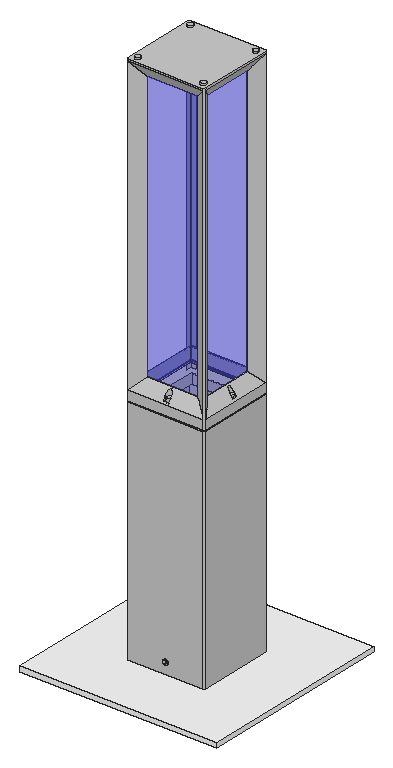
Revit family "BE_84667_de_DE", category Leuchten, Revit 2015
Parameters (values of type "BEGA_84667_Silber_K4")
  built-in parameter 1150104 = 14.256 (stored number, unit not read)
  Wattage = 23.2 W
  Default Elevation = 0 mm
  built-in parameter 1150113 = 1 (stored number, unit not read)
  built-in parameter 1114218 = 1 (stored number, unit not read)
  Umgebungstemperatur = "25 °C"
  URL = "http://www.bega.de/produkt/84667"
  Typenkommentare = "© 2016 BEGA. Wir behalten uns das Recht vor, technische Änderungen ohne vorherige Ankündigung vorzunehmen."  # constant formula
  Type Image = 84667.png
  built-in parameter 1150134 = 12
  built-in parameter 1150109 = 1 (stored number, unit not read)
  Strom = ""
  built-in parameter 1150110 = 1 (stored number, unit not read)
  Spannung = 239.996 V
  Sonderanfertigung = no
  Seriennummer [instance] = "Hier können Sie die eindeutige Seriennummer für das Facility Management eintragen."
  Schutzklasse = "I"
  Schutzart = "IP 65"
  Scheinlast = 0 VA
  Produktdatenblatt = "http://www.bega.de/download/Xrfa/db/84667.db.de.pdf"
  Oberflächentemperatur = ""
  Neigungswinkel = 0.00°
  Modell = "84667AK4"
  Material_18 = BEGA_Gummi_schwarz
  Material_17 = BEGA_Reflektor
  Material_15 = BEGA_Leuchtmedium_matt
  Material_14 = BEGA_Kunststoff_opal
  Material_11 = BEGA_Glas_opal
  Material_09 = BEGA_Glas_klar
  Material_06 = BEGA_Oberfläche_Edelstahl_gebürstet
  Material_03 = BEGA_Oberfläche_Weiss_matt
  Material_02 = BEGA_Oberfläche_Silber_matt
  Material_01 [instance] = BEGA_Oberfläche_Grafit_matt
  M_W = no
  M_G = no
  M_A = yes
  Logo = 0
  built-in parameter 1114217 = 1 (stored number, unit not read)
  built-in parameter 1150139 = (empty or 0)
  built-in parameter 1150105 = 283.3 (stored number, unit not read)
  built-in parameter 1150114 = 1 (stored number, unit not read)
  Lumens = 3560.04 lm
  built-in parameter 1150115 = 1 (stored number, unit not read)
  Leuchtenlichtstrom = "2200 lm"
  Leuchtenanzahl = ""
  Lebensdauerkriterien = "L70 = 50.000 h"
  Lastklassifizierung = Beleuchtung
  built-in parameter 1150112 = 1 (stored number, unit not read)
  Lampenlichtstrom = "3560 lm"
  Lampe = "LED 23.2 W"
  LED_Modulbezeichnung = "8x LED-0614/840"
  built-in parameter 1150142 = (empty or 0)
  Hersteller = "BEGA"  # constant formula
  Halbstreuwinkel = ""
  Gewicht = "9.7 kg"
  Gebrauchslageneinschränkung [instance] = ""
  Frequenz = "0/50-60 Hz"
  Farbwiedergabeindex = "Ra > 80"
  Farbtemperaturverschiebung bei Dämpfen der Lampe = <Keine Auswahl>
  Farbtemperatur = "4000 K"
  Farbfilter = 16777215
  Erdstück = no
  built-in parameter 1150133 = 10 (stored number, unit not read)
  Energieeffizienzklasse = "LED A++ - A"
  built-in parameter 1150137 = (empty or 0)
  built-in parameter 1150132 = (empty or 0)
  ENEC = ""
  Dimmbar [instance] = ""
  Datei für fotometrisches Netz = "BE_84667K4.IES"
  CE_Konformität = "ja"
  Bestellnummer_Erdstück = if(Erdstück, "70895", "---")  # "---"
  Bestellnummer = "84667AK4"
  Beschreibung_Sonderanfertigung = "Hier können Sie Informationen zur Sonderanfertigung eintragen."
  Beschreibung = "Pollerleuchte"
  built-in parameter 1150106 = 2.833 (stored number, unit not read)
  Befestigungsbohrung = ""
  Befestigungsabstand = ""
  Ballwurfsicher = ""
  BEGA_Intern_aus = yes
  BEGA_Intern_an = yes
  BEGA_Intern_Konstruktion = yes
  BEGA_Intern = yes
  BEGA_IES = yes
  BEGA_Dummy = no
  Anschlussleitung = ""
  Anschlussleistung [instance] = "27.5 W"
  built-in parameter 1150107 = 4000 (stored number, unit not read)
  built-in parameter 1150102 = (empty or 0)
  built-in parameter 1150138 = (empty or 0)
  Aktualisierung = "2016-11-14T04:14:35"
  Abstand_zur_angestrahlten_Fläche [instance] = ""
  AC/DC = "AC/DC"
Types (4, lengths in mm): name | built-in parameter 1150104 | built-in parameter 1150134 | Modell | built-in parameter 1150105 | Lumens | Leuchtenlichtstrom | Lampenlichtstrom | LED_Modulbezeichnung | Farbtemperatur | Datei für fotometrisches Netz | Bestellnummer | built-in parameter 1150106 | built-in parameter 1150107
  BEGA_84667_Silber_K3 | 12.975 (stored number, unit not read) | (empty or 0) | "84667A" | 257.84 (stored number, unit not read) | 3240.11 lm | "2002 lm" | "3240 lm" | "8x LED-0614/830" | "3000 K" | "BE_84667.IES" | "84667A" | 2.5784 (stored number, unit not read) | 3000 (stored number, unit not read)
  BEGA_84667_K3 | 12.975 (stored number, unit not read) | (empty or 0) | "84667" | 257.84 (stored number, unit not read) | 3240.11 lm | "2002 lm" | "3240 lm" | "8x LED-0614/830" | "3000 K" | "BE_84667.IES" | "84667" | 2.5784 (stored number, unit not read) | 3000 (stored number, unit not read)
  BEGA_84667_Silber_K4 | 14.256 (stored number, unit not read) | 12 | "84667AK4" | 283.3 (stored number, unit not read) | 3560.04 lm | "2200 lm" | "3560 lm" | "8x LED-0614/840" | "4000 K" | "BE_84667K4.IES" | "84667AK4" | 2.833 (stored number, unit not read) | 4000 (stored number, unit not read)
  BEGA_84667_K4 | 14.256 (stored number, unit not read) | 12 | "84667K4" | 283.3 (stored number, unit not read) | 3560.04 lm | "2200 lm" | "3560 lm" | "8x LED-0614/840" | "4000 K" | "BE_84667K4.IES" | "84667K4" | 2.833 (stored number, unit not read) | 4000 (stored number, unit not read)
Reference planes
  plane 1 "Mitte (Vorne/Hinten)": y = 0
  plane 2: z = 0
  plane 3 "Mitte (Links/Rechts)": x = 0
  plane 4 "Links": x = -80.17
  plane 5 "Rechts": x = 80.17
  plane 6 "Unten": y = -80.171
  plane 7 "Oben": y = 80.171
  plane 8 "Vorne": z = 1099.017
  plane 9 "Hinten": z = 0
Forms (mm)
  Extrusion 1, solid, material "BEGA_Platte_Weiss"
    sketch origin (0, -1119.2, 0) x (1, 0, 0) y (0, 1, 0)
      loop
        line (-200, 1319.2) -> (-200, 919.2) -> (200, 919.2) -> (200, 1319.2) -> (-200, 1319.2)
    from 0 to -10
  Extrusion 2, solid, material "BEGA_Dummy_matt", visible <- "BEGA_Dummy"
    sketch origin (80.095, -76.023, 0) x (1, 0, 0) y (0, 1, 0)
      loop
        line (-160.266, 156.194) -> (-160.266, -4.148) -> (0.075, -4.148) -> (0.075, 156.194) -> (-160.266, 156.194)
    from 0 to 1099.017
Dimensions and locks
  plane 1 "Mitte (Vorne/Hinten)" to Extrusion 1 = 200 mm
  aligned and locked: plane 2 to Extrusion 1
  aligned and locked: level to Extrusion 1
Nested families
  nested 1: "BE_84667" at (0, 0, 0), type "BE_84667"
Connectors
  electrical at (0, 0, 0), driven by "Lastklassifizierung", driven by "Spannung", driven by "Scheinlast"
    settings: index 1, voltage 239.996 V, apparent load 0 VA, apparent load phase1 0 VA, apparent load phase2 0 VA, apparent load phase3 0 VA, power factor 1, load classification "Beleuchtung", number of poles 1, system type 31, power factor state 1, is connector primary yes, connector utility no, sub classification motor no, connector description ""
Definition of nested family "BE_84667"
  Parameters (values of type "BE_84667")
    Default Elevation = 1 mm
    URL = "http://www.bega.de/de/produkt"
    Type Comments = "© 2015 BEGA. Wir behalten uns das Recht vor, technische Änderungen ohne vorherige Ankündigung vorzunehmen. "  # constant formula
    Type Image = (empty or 0)
    Material_18 = none
    Material_17 = none
    Material_15 = none
    Material_14 = none
    Material_11 = none
    Material_09 = none
    Material_06 = none
    Material_03 = none
    Material_02 = none
    Material_01 = none
    M_W = yes
    M_G = yes
    M_A = yes
    Länge_Platte = 200 mm  # constant formula
    Höhe_Platte = -10 mm  # constant formula
    Manufacturer = "BEGA"  # constant formula
    Breite_Platte = 200 mm  # constant formula
  Reference planes
    plane 1 "Mitte (Oben/Unten)": y = 0
    plane 2: z = 0
    plane 3 "Mitte (Links/Rechts)": x = 0
    plane 4: x = -80.17
    plane 5: z = 1099.017
    plane 6: z = 1099.017
    plane 7: x = 80.17
    plane 8: y = -80.171
    plane 9: y = 80.171
  Forms (mm)
    Extrusion 1, solid, detail levels medium
      sketch origin (0, 0, 0) x (1, 0, 0) y (0, 1, 0)
        loop
          line (-100, 100) -> (-100, -100) -> (100, -100) -> (100, 100) -> (-100, 100)
      from 0 to -10 <- "Höhe_Platte"
    Extrusion 2, solid, material <- "Material_01", visible <- "M_G", detail levels medium+fine
      sketch origin (0, 0, 0) x (1, 0, 0) y (0, 1, 0)
        loop
          circle (0, 0) r 76
        loop
          arc (12.543, 43.745) -> (18.102, 46.827) -> (15.021, 52.386) r 4.495
          arc (15.021, 52.386) -> (0.004, 54.497) -> (-15.014, 52.388) r 54.493
          arc (-15.014, 52.388) -> (-18.105, 46.831) -> (-12.544, 43.745) r 4.495
          arc (-12.544, 43.745) -> (-0.001, 45.508) -> (12.543, 43.745) r 45.516
        loop
          arc (-44.156, -11.01) -> (-49.605, -7.737) -> (-52.878, -13.185) r 4.495
          arc (-52.878, -13.185) -> (-47.198, -27.245) -> (-37.863, -39.196) r 54.493
          arc (-37.863, -39.196) -> (-31.505, -39.095) -> (-31.612, -32.736) r 4.495
          arc (-31.612, -32.736) -> (-39.411, -22.754) -> (-44.156, -11.01) r 45.516
        loop
          arc (37.859, -39.2) -> (47.193, -27.253) -> (52.875, -13.198) r 54.493
          arc (52.875, -13.198) -> (49.612, -7.737) -> (44.157, -11.009) r 4.494
          arc (44.157, -11.009) -> (39.411, -22.753) -> (31.613, -32.735) r 45.516
          arc (31.613, -32.735) -> (31.504, -39.09) -> (37.859, -39.2) r 4.495
        loop
          arc (-21.883, 22.658) -> (-21.793, 27.604) -> (-26.74, 27.699) r 3.5
          arc (-26.74, 27.699) -> (-33.344, 19.247) -> (-37.359, 9.302) r 38.5
          arc (-37.359, 9.302) -> (-34.802, 5.069) -> (-30.564, 7.621) r 3.5
          arc (-30.564, 7.621) -> (-27.28, 15.749) -> (-21.883, 22.658) r 31.5
        loop
          arc (26.744, 27.695) -> (21.795, 27.609) -> (21.881, 22.66) r 3.5
          arc (21.881, 22.66) -> (27.28, 15.75) -> (30.564, 7.621) r 31.5
          arc (30.564, 7.621) -> (34.807, 5.072) -> (37.356, 9.315) r 3.5
          arc (37.356, 9.315) -> (33.342, 19.251) -> (26.744, 27.695) r 38.5
        loop
          arc (-8.682, -30.28) -> (-13.01, -32.677) -> (-10.617, -37.007) r 3.5
          arc (-10.617, -37.007) -> (0.002, -38.5) -> (10.621, -37.006) r 38.5
          arc (10.621, -37.006) -> (13.011, -32.675) -> (8.683, -30.28) r 3.5
          arc (8.683, -30.28) -> (0, -31.5) -> (-8.682, -30.28) r 31.5
        loop
          circle (0, 0) r 21.562
      from 0 to 5.68
    Sweep 3, solid, material <- "Material_01", visible <- "M_G", detail levels medium+fine
      path origin (0, 0, 0) x (1, 0, 0) y (0, 1, 0)
        loop
          line (-80.008, 80.008) -> (-80.008, -80.008) -> (80.008, -80.008) -> (80.008, 80.008) -> (-80.008, 80.008)
      profile origin (-80.008, 0, 0) x (1, 0, 0) y (0, 0, 1)
        loop
          line (0, 2.387) -> (2.508, 2.387) -> (2.508, 457.387) -> (30.465, 457.387) -> (30.465, 479.002) -> (3.508, 479.002) -> (3.508, 472.387) -> (0, 472.387) -> (0, 2.387)
    Extrusion 4, solid, material <- "Material_01", visible <- "M_G", detail levels medium+fine
      sketch origin (0, 0, 0) x (1, 0, 0) y (0, 1, 0)
        loop
          line (-77.5, 77.5) -> (-77.5, -77.5) -> (77.5, -77.5) -> (77.5, 77.5) -> (-77.5, 77.5)
        loop
          circle (0, 0) r 76
        loop
          circle (-60.104, 60.104) r 4
        loop
          circle (60.104, 60.104) r 4
        loop
          circle (-60.104, -60.104) r 4
        loop
          circle (62.225, -62.225) r 2.5
      from 5.68 to 12.547
    Sweep 5, solid, material <- "Material_01", visible <- "M_G", detail levels medium+fine
      path origin (0, 0, 0) x (1, 0, 0) y (0, 1, 0)
        loop
          line (-80.008, 80.008) -> (-80.008, -80.008) -> (80.008, -80.008) -> (80.008, 80.008) -> (-80.008, 80.008)
      profile origin (-80.008, 0, 0) x (1, 0, 0) y (0, 0, 1)
        loop
          line (3.008, 475.605) -> (3.658, 494.217) -> (18.508, 494.217) -> (18.508, 519.105) -> (17.215, 519.105) -> (-0.163, 493.994) -> (-0.163, 475.605) -> (3.008, 475.605)
    Sweep 6, solid, material <- "Material_01", visible <- "M_G", detail levels medium+fine
      path origin (0, 0, 0) x (1, 0, 0) y (0, 1, 0)
        loop
          line (-80.008, 80.008) -> (-80.008, -80.008) -> (80.008, -80.008) -> (80.008, 80.008) -> (-80.008, 80.008)
      profile origin (-80.008, 0, 0) x (1, 0, 0) y (0, 0, 1)
        loop
          line (-0.163, 1099.017) -> (-0.163, 1094.579) -> (17.425, 1069.017) -> (18.543, 1069.017) -> (18.543, 1095.017) -> (50.386, 1095.017) -> (50.386, 1099.017) -> (-0.163, 1099.017)
    Extrusion 7, solid, material <- "Material_01", visible <- "M_G", detail levels medium+fine
      sketch origin (0, 0, 0) x (1, 0, 0) y (0, 0, 1)
        loop
          line (-29.622, 1099.017) -> (-29.622, 1095.017) -> (29.622, 1095.017) -> (29.622, 1099.017) -> (-29.622, 1099.017)
      from -29.622 to 34.5
    Extrusion 8, solid, material <- "Material_01", visible <- "M_G", detail levels medium+fine
      sketch origin (0, 0, 0) x (1, 0, 0) y (0, 1, 0)
        loop
          line (-62.793, 51.784) -> (-62.793, 62.793) -> (-51.784, 62.793) -> (-76.602, 80.171) -> (-80.171, 80.171) -> (-80.171, 76.602) -> (-62.793, 51.784)
        loop
          line (62.793, 51.784) -> (80.171, 76.602) -> (80.171, 80.171) -> (76.602, 80.171) -> (51.784, 62.793) -> (62.793, 62.793) -> (62.793, 51.784)
        loop
          line (-62.793, -51.784) -> (-80.171, -76.602) -> (-80.171, -80.171) -> (-76.602, -80.171) -> (-51.784, -62.793) -> (-62.793, -62.793) -> (-62.793, -51.784)
        loop
          line (62.793, -51.784) -> (62.793, -62.793) -> (51.784, -62.793) -> (76.602, -80.171) -> (80.171, -80.171) -> (80.171, -76.602) -> (62.793, -51.784)
      from 475.887 to 1099.017
    Extrusion 9, void
      sketch origin (0, 0, 0) x (1, 0, 0) y (0, 1, 0)
        loop
          line (-76.026, 80.746) -> (-80.575, 80.746) -> (-80.575, 76.198) -> (-76.026, 80.746)
      from 0 to 1102.71
    Extrusion 10, void
      sketch origin (0, 0, 0) x (1, 0, 0) y (0, 1, 0)
        loop
          line (80.566, 80.582) -> (76.158, 80.582) -> (80.566, 76.174) -> (80.566, 80.582)
      from 0 to 1105.931
    Extrusion 11, void
      sketch origin (0, 0, 0) x (1, 0, 0) y (0, 1, 0)
        loop
          line (-76.026, -80.746) -> (-80.575, -76.198) -> (-80.575, -80.746) -> (-76.026, -80.746)
      from 0 to 1102.71
    Extrusion 12, void
      sketch origin (0, 0, 0) x (1, 0, 0) y (0, 1, 0)
        loop
          line (80.566, -80.582) -> (80.566, -76.174) -> (76.158, -80.582) -> (80.566, -80.582)
      from 0 to 1105.931
    Extrusion 13, solid, material <- "Material_06", detail levels fine
      sketch origin (0, 0, 0) x (1, 0, 0) y (0, 1, 0)
        loop
          arc (-71.794, 64.486) -> (-65.619, 61.439) -> (-61.308, 66.808) r 5.5
          arc (-61.308, 66.808) -> (-67.997, 72.178) -> (-71.794, 64.486) r 5.5
        loop
          arc (71.794, 64.486) -> (67.997, 72.178) -> (61.308, 66.808) r 5.5
          arc (61.308, 66.808) -> (65.619, 61.439) -> (71.794, 64.486) r 5.5
        loop
          arc (-71.794, -64.486) -> (-67.997, -72.178) -> (-61.308, -66.808) r 5.5
          arc (-61.308, -66.808) -> (-65.619, -61.438) -> (-71.794, -64.486) r 5.5
        loop
          arc (71.794, -64.486) -> (65.619, -61.438) -> (61.308, -66.808) r 5.5
          arc (61.308, -66.808) -> (67.997, -72.178) -> (71.794, -64.486) r 5.5
      from 1099.017 to 1100.71
    Extrusion 14, void
      sketch origin (0, 0, 0) x (1, 0, 0) y (0, 1, 0)
        loop
          line (-82.825, 5.803) -> (-82.825, -5.803) -> (-70.737, -5.803)
          arc (-70.737, -5.803) -> (-64.934, 0) -> (-70.737, 5.803) r 5.803
          line (-70.737, 5.803) -> (-82.825, 5.803)
        loop
          line (82.825, 5.803) -> (70.737, 5.803)
          arc (70.737, 5.803) -> (64.934, 0) -> (70.737, -5.803) r 5.803
          line (70.737, -5.803) -> (82.825, -5.803) -> (82.825, 5.803)
        loop
          line (-5.803, 82.679) -> (-5.803, 70.592)
          arc (-5.803, 70.592) -> (0, 64.789) -> (5.803, 70.592) r 5.803
          line (5.803, 70.592) -> (5.803, 82.679) -> (-5.803, 82.679)
        loop
          line (-5.803, -82.679) -> (5.803, -82.679) -> (5.803, -70.592)
          arc (5.803, -70.592) -> (0, -64.789) -> (-5.803, -70.592) r 5.803
          line (-5.803, -70.592) -> (-5.803, -82.679)
      from 497.823 to 518.752
    Extrusion 15, solid, material <- "Material_06", detail levels fine
      sketch origin (0, 0, 0) x (1, 0, 0) y (0, 1, 0)
        loop
          circle (-70.75, 0) r 5
        loop
          circle (70.75, 0) r 5
        loop
          circle (0, 70.75) r 5
        loop
          circle (0, -70.75) r 5
      from 497.887 to 503.887
    Revolve 16, void
      sketch origin (0, 0, 0) x (0, 1, 0) y (0, 0, 1)
        loop
          line (-77.832, 29.637) -> (-81.337, 29.637) -> (-81.337, 24.387) -> (-77.832, 24.387) -> (-77.832, 29.637)
        axis (-81.337, 24.387) -> (-77.832, 24.387)
      angle from 0 to 360
    Revolve 17, solid, material <- "Material_06", detail levels fine
      sketch origin (0, 0, 0) x (0, 1, 0) y (0, 0, 1)
        loop
          line (-77.832, 29.387) -> (-80.121, 29.387) -> (-81.041, 28.467) -> (-81.041, 24.387) -> (-77.832, 24.387) -> (-77.832, 29.387)
        axis (-81.041, 24.387) -> (-77.832, 24.387)
      angle from 0 to 360
    Sweep 18, solid, material <- "Material_14", detail levels medium+fine
      path origin (0, 0, 0) x (1, 0, 0) y (0, 1, 0)
        loop
          line (-77.5, -77.5) -> (77.5, -77.5) -> (77.5, 77.5) -> (-77.5, 77.5) -> (-77.5, -77.5)
      profile origin (-77.5, 0, 0) x (-1, 0, 0) y (0, 0, 1)
        loop
          line (-17.5, 491.387) -> (-17.5, 1088.387) -> (-21, 1088.387) -> (-21, 491.387) -> (-17.5, 491.387)
    Extrusion 19, solid, material <- "Material_02", visible <- "M_A", detail levels medium+fine
      sketch origin (0, 0, 0) x (1, 0, 0) y (0, 1, 0)
        loop
          circle (0, 0) r 76
        loop
          arc (12.543, 43.745) -> (18.102, 46.827) -> (15.021, 52.386) r 4.495
          arc (15.021, 52.386) -> (0.004, 54.497) -> (-15.014, 52.388) r 54.493
          arc (-15.014, 52.388) -> (-18.105, 46.831) -> (-12.544, 43.745) r 4.495
          arc (-12.544, 43.745) -> (-0.001, 45.508) -> (12.543, 43.745) r 45.516
        loop
          arc (-44.156, -11.01) -> (-49.605, -7.737) -> (-52.878, -13.185) r 4.495
          arc (-52.878, -13.185) -> (-47.198, -27.245) -> (-37.863, -39.196) r 54.493
          arc (-37.863, -39.196) -> (-31.505, -39.095) -> (-31.612, -32.736) r 4.495
          arc (-31.612, -32.736) -> (-39.411, -22.754) -> (-44.156, -11.01) r 45.516
        loop
          arc (37.859, -39.2) -> (47.193, -27.253) -> (52.875, -13.198) r 54.493
          arc (52.875, -13.198) -> (49.612, -7.737) -> (44.157, -11.009) r 4.494
          arc (44.157, -11.009) -> (39.411, -22.753) -> (31.613, -32.735) r 45.516
          arc (31.613, -32.735) -> (31.504, -39.09) -> (37.859, -39.2) r 4.495
        loop
          arc (-21.883, 22.658) -> (-21.793, 27.604) -> (-26.74, 27.699) r 3.5
          arc (-26.74, 27.699) -> (-33.344, 19.247) -> (-37.359, 9.302) r 38.5
          arc (-37.359, 9.302) -> (-34.802, 5.069) -> (-30.564, 7.621) r 3.5
          arc (-30.564, 7.621) -> (-27.28, 15.749) -> (-21.883, 22.658) r 31.5
        loop
          arc (26.744, 27.695) -> (21.795, 27.609) -> (21.881, 22.66) r 3.5
          arc (21.881, 22.66) -> (27.28, 15.75) -> (30.564, 7.621) r 31.5
          arc (30.564, 7.621) -> (34.807, 5.072) -> (37.356, 9.315) r 3.5
          arc (37.356, 9.315) -> (33.342, 19.251) -> (26.744, 27.695) r 38.5
        loop
          arc (-8.682, -30.28) -> (-13.01, -32.677) -> (-10.617, -37.007) r 3.5
          arc (-10.617, -37.007) -> (0.002, -38.5) -> (10.621, -37.006) r 38.5
          arc (10.621, -37.006) -> (13.011, -32.675) -> (8.683, -30.28) r 3.5
          arc (8.683, -30.28) -> (0, -31.5) -> (-8.682, -30.28) r 31.5
        loop
          circle (0, 0) r 21.562
      from 0 to 5.68
    Sweep 20, solid, material <- "Material_02", visible <- "M_A", detail levels medium+fine
      path origin (0, 0, 0) x (1, 0, 0) y (0, 1, 0)
        loop
          line (-80.008, 80.008) -> (-80.008, -80.008) -> (80.008, -80.008) -> (80.008, 80.008) -> (-80.008, 80.008)
      profile origin (-80.008, 0, 0) x (1, 0, 0) y (0, 0, 1)
        loop
          line (0, 2.387) -> (2.508, 2.387) -> (2.508, 457.387) -> (30.465, 457.387) -> (30.465, 479.002) -> (3.508, 479.002) -> (3.508, 472.387) -> (0, 472.387) -> (0, 2.387)
    Extrusion 21, solid, material <- "Material_02", visible <- "M_A", detail levels medium+fine
      sketch origin (0, 0, 0) x (1, 0, 0) y (0, 1, 0)
        loop
          line (-77.5, 77.5) -> (-77.5, -77.5) -> (77.5, -77.5) -> (77.5, 77.5) -> (-77.5, 77.5)
        loop
          circle (0, 0) r 76
        loop
          circle (-60.104, 60.104) r 4
        loop
          circle (60.104, 60.104) r 4
        loop
          circle (-60.104, -60.104) r 4
        loop
          circle (62.225, -62.225) r 2.5
      from 5.68 to 12.547
    Sweep 22, solid, material <- "Material_02", visible <- "M_A", detail levels medium+fine
      path origin (0, 0, 0) x (1, 0, 0) y (0, 1, 0)
        loop
          line (-80.008, 80.008) -> (-80.008, -80.008) -> (80.008, -80.008) -> (80.008, 80.008) -> (-80.008, 80.008)
      profile origin (-80.008, 0, 0) x (1, 0, 0) y (0, 0, 1)
        loop
          line (3.008, 475.605) -> (3.658, 494.217) -> (18.508, 494.217) -> (18.508, 519.105) -> (17.215, 519.105) -> (-0.163, 493.994) -> (-0.163, 475.605) -> (3.008, 475.605)
    Sweep 23, solid, material <- "Material_02", visible <- "M_A", detail levels medium+fine
      path origin (0, 0, 0) x (1, 0, 0) y (0, 1, 0)
        loop
          line (-80.008, 80.008) -> (-80.008, -80.008) -> (80.008, -80.008) -> (80.008, 80.008) -> (-80.008, 80.008)
      profile origin (-80.008, 0, 0) x (1, 0, 0) y (0, 0, 1)
        loop
          line (-0.163, 1099.017) -> (-0.163, 1094.579) -> (17.425, 1069.017) -> (18.543, 1069.017) -> (18.543, 1095.017) -> (50.386, 1095.017) -> (50.386, 1099.017) -> (-0.163, 1099.017)
    Extrusion 24, solid, material <- "Material_02", visible <- "M_A", detail levels medium+fine
      sketch origin (0, 0, 0) x (1, 0, 0) y (0, 0, 1)
        loop
          line (-29.622, 1099.017) -> (-29.622, 1095.017) -> (29.622, 1095.017) -> (29.622, 1099.017) -> (-29.622, 1099.017)
      from -29.622 to 34.5
    Extrusion 25, solid, material <- "Material_02", visible <- "M_A", detail levels medium+fine
      sketch origin (0, 0, 0) x (1, 0, 0) y (0, 1, 0)
        loop
          line (-62.793, 51.784) -> (-62.793, 62.793) -> (-51.784, 62.793) -> (-76.602, 80.171) -> (-80.171, 80.171) -> (-80.171, 76.602) -> (-62.793, 51.784)
        loop
          line (62.793, 51.784) -> (80.171, 76.602) -> (80.171, 80.171) -> (76.602, 80.171) -> (51.784, 62.793) -> (62.793, 62.793) -> (62.793, 51.784)
        loop
          line (-62.793, -51.784) -> (-80.171, -76.602) -> (-80.171, -80.171) -> (-76.602, -80.171) -> (-51.784, -62.793) -> (-62.793, -62.793) -> (-62.793, -51.784)
        loop
          line (62.793, -51.784) -> (62.793, -62.793) -> (51.784, -62.793) -> (76.602, -80.171) -> (80.171, -80.171) -> (80.171, -76.602) -> (62.793, -51.784)
      from 475.887 to 1099.017
  Cuts and joins
    Extrusion 9, Extrusion 10, Extrusion 11, Extrusion 12, Extrusion 14, Revolve 16 cuts Sweep 3
    Extrusion 9, Extrusion 10, Extrusion 11, Extrusion 12, Extrusion 14, Revolve 16 cuts Extrusion 4
    joined: Sweep 3, Extrusion 4
    Extrusion 9, Extrusion 10, Extrusion 11, Extrusion 12, Extrusion 14 cuts Sweep 5
    Extrusion 9, Extrusion 10, Extrusion 11, Extrusion 12, Extrusion 14 cuts Sweep 6
    Extrusion 11, Extrusion 12, Extrusion 14 cuts Extrusion 7
    Extrusion 9, Extrusion 10, Extrusion 11, Extrusion 12, Extrusion 14 cuts Extrusion 8
    joined: Sweep 5, Sweep 6, Extrusion 7, Extrusion 8
    Extrusion 9, Extrusion 10, Extrusion 11, Extrusion 12, Revolve 16 cuts Sweep 20
    joined: Sweep 20, Extrusion 21
    Extrusion 9, Extrusion 10, Extrusion 11, Extrusion 12, Extrusion 14 cuts Sweep 22
    Extrusion 9, Extrusion 10, Extrusion 11, Extrusion 12 cuts Sweep 23
    Extrusion 9 cuts Extrusion 24
    Extrusion 9, Extrusion 10, Extrusion 11, Extrusion 12 cuts Extrusion 25
    joined: Sweep 22, Sweep 23, Extrusion 24, Extrusion 25
  Dimensions and locks
    equal spacing: Extrusion 1 sketch curve, plane 3 "Mitte (Links/Rechts)", Extrusion 1 sketch curve
    equal spacing: Extrusion 1 sketch curve, plane 1 "Mitte (Oben/Unten)", Extrusion 1 sketch curve
    "Länge_Platte": Extrusion 1 sketch curve to Extrusion 1 sketch curve
    "Breite_Platte": Extrusion 1 sketch curve to Extrusion 1 sketch curve
    aligned and locked: Extrusion 1 to plane 2
    aligned and locked: level to Extrusion 1
  Automatic sketch dimensions
    Extrusion 2 sketch curve to Extrusion 2 sketch curve = 0 mm  (x27)
    Extrusion 2 sketch curve to plane 3 "Mitte (Links/Rechts)" = 0 mm  (x3)
    plane 1 "Mitte (Oben/Unten)" to Extrusion 2 sketch curve = 0 mm  (x3)
    Extrusion 2 sketch curve to plane 3 "Mitte (Links/Rechts)" = 0.004 mm
    Extrusion 2 sketch curve to Extrusion 2 sketch curve = 0.003 mm
    Extrusion 2 sketch curve to plane 3 "Mitte (Links/Rechts)" = 9.647 mm
    Extrusion 2 sketch curve to plane 3 "Mitte (Links/Rechts)" = 13.783 mm
    Extrusion 2 sketch curve to plane 3 "Mitte (Links/Rechts)" = 24.314 mm
    Extrusion 2 sketch curve to plane 1 "Mitte (Oben/Unten)" = 8.467 mm
    Extrusion 2 sketch curve to Extrusion 2 sketch curve = 9.647 mm
    Extrusion 2 sketch curve to Extrusion 2 sketch curve = 25.088 mm
    plane 1 "Mitte (Oben/Unten)" to Extrusion 2 sketch curve = 12.098 mm
    Extrusion 2 sketch curve to Extrusion 2 sketch curve = 14.557 mm  (x2)
    plane 3 "Mitte (Links/Rechts)" to Extrusion 2 sketch curve = 0 mm  (x4)
    Extrusion 2 sketch curve to plane 1 "Mitte (Oben/Unten)" = 0.001 mm
    plane 3 "Mitte (Links/Rechts)" to Extrusion 2 sketch curve = 0.001 mm
    plane 3 "Mitte (Links/Rechts)" to Extrusion 2 sketch curve = 0.003 mm
    Extrusion 2 sketch curve to Extrusion 2 sketch curve = 0.007 mm
    plane 3 "Mitte (Links/Rechts)" to Extrusion 2 sketch curve = 9.648 mm
    plane 3 "Mitte (Links/Rechts)" to Extrusion 2 sketch curve = 13.782 mm
    plane 3 "Mitte (Links/Rechts)" to Extrusion 2 sketch curve = 24.313 mm
    Extrusion 2 sketch curve to plane 1 "Mitte (Oben/Unten)" = 8.468 mm
    Extrusion 2 sketch curve to Extrusion 2 sketch curve = 9.648 mm
    Extrusion 2 sketch curve to Extrusion 2 sketch curve = 25.089 mm
    plane 1 "Mitte (Oben/Unten)" to Extrusion 2 sketch curve = 12.096 mm
    plane 1 "Mitte (Oben/Unten)" to Extrusion 2 sketch curve = 33.644 mm
    Extrusion 2 sketch curve to Extrusion 2 sketch curve = 2.324 mm
    Extrusion 2 sketch curve to Extrusion 2 sketch curve = 2.325 mm
    Extrusion 2 sketch curve to Extrusion 2 sketch curve = 0.008 mm
    plane 1 "Mitte (Oben/Unten)" to Extrusion 2 sketch curve = 0.003 mm
    plane 1 "Mitte (Oben/Unten)" to Extrusion 2 sketch curve = 0.002 mm
    Extrusion 2 sketch curve to plane 1 "Mitte (Oben/Unten)" = 0 mm
    Extrusion 2 sketch curve to plane 1 "Mitte (Oben/Unten)" = 0.004 mm  (x2)
    Extrusion 2 sketch curve to Extrusion 2 sketch curve = 0.004 mm
    Extrusion 2 sketch curve to Extrusion 2 sketch curve = 16.709 mm  (x2)
    Extrusion 2 sketch curve to Extrusion 2 sketch curve = 22.89 mm
    Extrusion 2 sketch curve to Extrusion 2 sketch curve = 22.889 mm
    Extrusion 2 sketch curve to Extrusion 2 sketch curve = 0.965 mm  (x2)
    Extrusion 2 sketch curve to Extrusion 2 sketch curve = 0.97 mm
    Extrusion 2 sketch curve to Extrusion 2 sketch curve = 1.239 mm  (x3)
    Extrusion 2 sketch curve to Extrusion 2 sketch curve = 1.231 mm
    Extrusion 2 sketch curve to Extrusion 2 sketch curve = 2.431 mm  (x3)
    Extrusion 2 sketch curve to Extrusion 2 sketch curve = 2.426 mm
    Extrusion 2 sketch curve to Extrusion 2 sketch curve = 3.397 mm
    Extrusion 2 sketch curve to Extrusion 2 sketch curve = 0.001 mm  (x3)
    Extrusion 2 sketch curve to Extrusion 2 sketch curve = 3.122 mm
    Extrusion 2 sketch curve to Extrusion 2 sketch curve = 3.399 mm
    Extrusion 2 sketch curve to Extrusion 2 sketch curve = 3.129 mm
    Extrusion 2 sketch curve to Extrusion 2 sketch curve = 4.361 mm  (x3)
    Extrusion 2 sketch curve to Extrusion 2 sketch curve = 0.973 mm
    Extrusion 2 sketch curve to Extrusion 2 sketch curve = 3.396 mm  (x2)
    Extrusion 2 sketch curve to Extrusion 2 sketch curve = 3.123 mm  (x2)
    Extrusion 2 sketch curve to Extrusion 2 sketch curve = 4.357 mm
    Extrusion 2 sketch curve to Extrusion 2 sketch curve = 1.087 mm
    Extrusion 2 sketch curve to Extrusion 2 sketch curve = 1.102 mm
    Extrusion 2 sketch curve to Extrusion 2 sketch curve = 3.364 mm
    Extrusion 2 sketch curve to Extrusion 2 sketch curve = 0.847 mm  (x2)
    Extrusion 2 sketch curve to Extrusion 2 sketch curve = 4.32 mm
    Sweep 3 sketch curve to plane 3 "Mitte (Links/Rechts)" = 80.008 mm
    plane 3 "Mitte (Links/Rechts)" to Sweep 3 sketch curve = 80.008 mm
    plane 1 "Mitte (Oben/Unten)" to Sweep 3 sketch curve = 80.008 mm
    Sweep 3 sketch curve to plane 1 "Mitte (Oben/Unten)" = 80.008 mm
    profile plane to Sweep 3 sketch curve = 0 mm
    Sweep 3 sketch curve to profile plane = 2.508 mm
    Sweep 3 sketch curve to profile plane = 3.508 mm
    Sweep 3 sketch curve to Sweep 3 sketch curve = 27.957 mm
    level to Sweep 3 sketch curve = 2.387 mm
    Sweep 3 sketch curve to Sweep 3 sketch curve = 455 mm
    Sweep 3 sketch curve to Sweep 3 sketch curve = 15 mm
    Sweep 3 sketch curve to Sweep 3 sketch curve = 21.614 mm
    Sweep 5 sketch curve to plane 3 "Mitte (Links/Rechts)" = 80.008 mm
    plane 3 "Mitte (Links/Rechts)" to Sweep 5 sketch curve = 80.008 mm
    plane 1 "Mitte (Oben/Unten)" to Sweep 5 sketch curve = 80.008 mm
    Sweep 5 sketch curve to plane 1 "Mitte (Oben/Unten)" = 80.008 mm
    profile plane to Sweep 5 sketch curve = 0.163 mm
    Sweep 5 sketch curve to profile plane = 3.008 mm
    Sweep 5 sketch curve to profile plane = 3.658 mm
    Sweep 5 sketch curve to profile plane = 17.215 mm
    Sweep 5 sketch curve to Sweep 5 sketch curve = 14.85 mm
    level to Sweep 5 sketch curve = 475.605 mm
    Sweep 5 sketch curve to Sweep 5 sketch curve = 18.389 mm
    Sweep 5 sketch curve to Sweep 5 sketch curve = 0.223 mm
    Sweep 5 sketch curve to Sweep 5 sketch curve = 24.887 mm
    Sweep 6 sketch curve to plane 3 "Mitte (Links/Rechts)" = 80.008 mm
    plane 3 "Mitte (Links/Rechts)" to Sweep 6 sketch curve = 80.008 mm
    plane 1 "Mitte (Oben/Unten)" to Sweep 6 sketch curve = 80.008 mm
    Sweep 6 sketch curve to plane 1 "Mitte (Oben/Unten)" = 80.008 mm
    profile plane to Sweep 6 sketch curve = 0.163 mm
    Sweep 6 sketch curve to profile plane = 17.425 mm
    Sweep 6 sketch curve to profile plane = 18.543 mm
    Sweep 6 sketch curve to Sweep 6 sketch curve = 31.843 mm
    level to Sweep 6 sketch curve = 1069.017 mm
    Sweep 6 sketch curve to Sweep 6 sketch curve = 25.562 mm
    Sweep 6 sketch curve to Sweep 6 sketch curve = 26 mm
    Sweep 6 sketch curve to Sweep 6 sketch curve = 4 mm
    Extrusion 7 sketch curve to plane 3 "Mitte (Links/Rechts)" = 29.622 mm
    plane 3 "Mitte (Links/Rechts)" to Extrusion 7 sketch curve = 29.622 mm
    level to Extrusion 7 sketch curve = 1095.017 mm
    Extrusion 7 sketch curve to Extrusion 7 sketch curve = 4 mm
    Extrusion 8 sketch curve to plane 3 "Mitte (Links/Rechts)" = 80.171 mm  (x2)
    Extrusion 8 sketch curve to Extrusion 8 sketch curve = 3.569 mm  (x8)
    Extrusion 8 sketch curve to Extrusion 8 sketch curve = 17.378 mm  (x4)
    Extrusion 8 sketch curve to Extrusion 8 sketch curve = 11.009 mm  (x8)
    plane 3 "Mitte (Links/Rechts)" to Extrusion 8 sketch curve = 51.784 mm  (x2)
    Extrusion 8 sketch curve to Extrusion 8 sketch curve = 13.809 mm  (x4)
    plane 1 "Mitte (Oben/Unten)" to Extrusion 8 sketch curve = 80.171 mm  (x2)
    Extrusion 8 sketch curve to plane 1 "Mitte (Oben/Unten)" = 51.784 mm  (x2)
    Extrusion 9 sketch curve to plane 3 "Mitte (Links/Rechts)" = 80.575 mm
    Extrusion 9 sketch curve to Extrusion 9 sketch curve = 4.548 mm  (x2)
    Extrusion 9 sketch curve to plane 1 "Mitte (Oben/Unten)" = 76.198 mm
    plane 3 "Mitte (Links/Rechts)" to Extrusion 10 sketch curve = 76.158 mm
    Extrusion 10 sketch curve to Extrusion 10 sketch curve = 4.408 mm  (x2)
    Extrusion 10 sketch curve to plane 1 "Mitte (Oben/Unten)" = 76.174 mm
    plane 3 "Mitte (Links/Rechts)" to Extrusion 11 sketch curve = 80.575 mm
    Extrusion 11 sketch curve to Extrusion 11 sketch curve = 4.548 mm  (x2)
    Extrusion 11 sketch curve to plane 1 "Mitte (Oben/Unten)" = 76.198 mm
    Extrusion 12 sketch curve to plane 3 "Mitte (Links/Rechts)" = 76.158 mm
    Extrusion 12 sketch curve to Extrusion 12 sketch curve = 4.408 mm  (x2)
    Extrusion 12 sketch curve to plane 1 "Mitte (Oben/Unten)" = 76.174 mm
    Extrusion 13 sketch curve to Extrusion 13 sketch curve = 0 mm  (x9)
    plane 1 "Mitte (Oben/Unten)" to Extrusion 13 sketch curve = 66.808 mm  (x2)
    Extrusion 13 sketch curve to plane 3 "Mitte (Links/Rechts)" = 66.808 mm
    Extrusion 13 sketch curve to Extrusion 13 sketch curve = 133.616 mm  (x2)
    Extrusion 13 sketch curve to plane 1 "Mitte (Oben/Unten)" = 66.808 mm  (x2)
    Extrusion 13 sketch curve to Extrusion 13 sketch curve = 4.986 mm  (x4)
    Extrusion 13 sketch curve to Extrusion 13 sketch curve = 5.5 mm  (x4)
    plane 1 "Mitte (Oben/Unten)" to Extrusion 14 sketch curve = 0 mm  (x2)
    Extrusion 14 sketch curve to plane 3 "Mitte (Links/Rechts)" = 0 mm  (x2)
    Extrusion 14 sketch curve to plane 3 "Mitte (Links/Rechts)" = 5.803 mm  (x2)
    plane 1 "Mitte (Oben/Unten)" to Extrusion 14 sketch curve = 5.803 mm  (x2)
    Extrusion 14 sketch curve to plane 3 "Mitte (Links/Rechts)" = 70.737 mm
    Extrusion 14 sketch curve to Extrusion 14 sketch curve = 12.087 mm  (x4)
    plane 3 "Mitte (Links/Rechts)" to Extrusion 14 sketch curve = 70.737 mm
    plane 1 "Mitte (Oben/Unten)" to Extrusion 14 sketch curve = 70.592 mm
    Extrusion 14 sketch curve to plane 1 "Mitte (Oben/Unten)" = 70.592 mm
    level to Revolve 16 sketch curve = 24.387 mm
    plane 1 "Mitte (Oben/Unten)" to Revolve 16 sketch curve = 81.337 mm
    Revolve 16 sketch curve to Revolve 16 sketch curve = 3.505 mm
    Revolve 16 sketch curve to Revolve 16 sketch curve = 5.25 mm
    Revolve 16 sketch curve to Revolve 16 sketch curve = 1.01 mm
    Revolve 16 sketch curve to Revolve 16 sketch curve = 0.332 mm
    Revolve 16 sketch curve to Revolve 16 sketch curve = 0 mm
    level to Revolve 17 sketch curve = 24.387 mm
    plane 1 "Mitte (Oben/Unten)" to Revolve 17 sketch curve = 81.041 mm
    Revolve 17 sketch curve to Revolve 17 sketch curve = 0.92 mm  (x2)
    Revolve 17 sketch curve to Revolve 17 sketch curve = 2.289 mm
    Revolve 17 sketch curve to Revolve 17 sketch curve = 4.08 mm
    Revolve 17 sketch curve to Revolve 17 sketch curve = 0 mm  (x3)
    Sweep 18 sketch curve to plane 3 "Mitte (Links/Rechts)" = 77.5 mm
    Sweep 18 sketch curve to plane 1 "Mitte (Oben/Unten)" = 77.5 mm
    plane 1 "Mitte (Oben/Unten)" to Sweep 18 sketch curve = 77.5 mm
    plane 3 "Mitte (Links/Rechts)" to Sweep 18 sketch curve = 77.5 mm
    profile plane to Sweep 18 sketch curve = 17.5 mm
    level to Sweep 18 sketch curve = 491.387 mm
    Sweep 18 sketch curve to Sweep 18 sketch curve = 3.5 mm
    Sweep 18 sketch curve to Sweep 18 sketch curve = 597 mm
    Extrusion 4 sketch curve to plane 3 "Mitte (Links/Rechts)" = 0 mm
    Extrusion 4 sketch curve to plane 3 "Mitte (Links/Rechts)" = 60.104 mm  (x2)
    Extrusion 4 sketch curve to Extrusion 4 sketch curve = 17.396 mm  (x3)
    plane 3 "Mitte (Links/Rechts)" to Extrusion 4 sketch curve = 60.104 mm
    plane 3 "Mitte (Links/Rechts)" to Extrusion 4 sketch curve = 62.225 mm
    Extrusion 4 sketch curve to Extrusion 4 sketch curve = 15.275 mm  (x2)
    plane 1 "Mitte (Oben/Unten)" to Extrusion 4 sketch curve = 77.5 mm
    plane 1 "Mitte (Oben/Unten)" to Extrusion 4 sketch curve = 0 mm
    Extrusion 4 sketch curve to plane 1 "Mitte (Oben/Unten)" = 60.104 mm  (x2)
    Extrusion 4 sketch curve to Extrusion 4 sketch curve = 15.896 mm
    Extrusion 19 sketch curve to Extrusion 19 sketch curve = 0 mm  (x27)
    Extrusion 19 sketch curve to plane 3 "Mitte (Links/Rechts)" = 0 mm  (x3)
    plane 1 "Mitte (Oben/Unten)" to Extrusion 19 sketch curve = 0 mm  (x3)
    Extrusion 19 sketch curve to plane 3 "Mitte (Links/Rechts)" = 0.004 mm
    Extrusion 19 sketch curve to Extrusion 19 sketch curve = 0.003 mm
    Extrusion 19 sketch curve to plane 3 "Mitte (Links/Rechts)" = 9.647 mm
    Extrusion 19 sketch curve to plane 3 "Mitte (Links/Rechts)" = 13.783 mm
    Extrusion 19 sketch curve to plane 3 "Mitte (Links/Rechts)" = 24.314 mm
    Extrusion 19 sketch curve to plane 1 "Mitte (Oben/Unten)" = 8.467 mm
    Extrusion 19 sketch curve to Extrusion 19 sketch curve = 9.647 mm
    Extrusion 19 sketch curve to Extrusion 19 sketch curve = 25.088 mm
    plane 1 "Mitte (Oben/Unten)" to Extrusion 19 sketch curve = 12.098 mm
    Extrusion 19 sketch curve to Extrusion 19 sketch curve = 14.557 mm  (x2)
    plane 3 "Mitte (Links/Rechts)" to Extrusion 19 sketch curve = 0 mm  (x4)
    Extrusion 19 sketch curve to plane 1 "Mitte (Oben/Unten)" = 0.001 mm
    plane 3 "Mitte (Links/Rechts)" to Extrusion 19 sketch curve = 0.001 mm
    plane 3 "Mitte (Links/Rechts)" to Extrusion 19 sketch curve = 0.003 mm
    Extrusion 19 sketch curve to Extrusion 19 sketch curve = 0.007 mm
    plane 3 "Mitte (Links/Rechts)" to Extrusion 19 sketch curve = 9.648 mm
    plane 3 "Mitte (Links/Rechts)" to Extrusion 19 sketch curve = 13.782 mm
    plane 3 "Mitte (Links/Rechts)" to Extrusion 19 sketch curve = 24.313 mm
    Extrusion 19 sketch curve to plane 1 "Mitte (Oben/Unten)" = 8.468 mm
    Extrusion 19 sketch curve to Extrusion 19 sketch curve = 9.648 mm
    Extrusion 19 sketch curve to Extrusion 19 sketch curve = 25.089 mm
    plane 1 "Mitte (Oben/Unten)" to Extrusion 19 sketch curve = 12.096 mm
    plane 1 "Mitte (Oben/Unten)" to Extrusion 19 sketch curve = 33.644 mm
    Extrusion 19 sketch curve to Extrusion 19 sketch curve = 2.324 mm
    Extrusion 19 sketch curve to Extrusion 19 sketch curve = 2.325 mm
    Extrusion 19 sketch curve to Extrusion 19 sketch curve = 0.008 mm
    plane 1 "Mitte (Oben/Unten)" to Extrusion 19 sketch curve = 0.003 mm
    plane 1 "Mitte (Oben/Unten)" to Extrusion 19 sketch curve = 0.002 mm
    Extrusion 19 sketch curve to plane 1 "Mitte (Oben/Unten)" = 0 mm
    Extrusion 19 sketch curve to plane 1 "Mitte (Oben/Unten)" = 0.004 mm  (x2)
    Extrusion 19 sketch curve to Extrusion 19 sketch curve = 0.004 mm
    Extrusion 19 sketch curve to Extrusion 19 sketch curve = 16.709 mm  (x2)
    Extrusion 19 sketch curve to Extrusion 19 sketch curve = 22.89 mm
    Extrusion 19 sketch curve to Extrusion 19 sketch curve = 22.889 mm
    Extrusion 19 sketch curve to Extrusion 19 sketch curve = 0.965 mm  (x2)
    Extrusion 19 sketch curve to Extrusion 19 sketch curve = 0.97 mm
    Extrusion 19 sketch curve to Extrusion 19 sketch curve = 1.239 mm  (x3)
    Extrusion 19 sketch curve to Extrusion 19 sketch curve = 1.231 mm
    Extrusion 19 sketch curve to Extrusion 19 sketch curve = 2.431 mm  (x3)
    Extrusion 19 sketch curve to Extrusion 19 sketch curve = 2.426 mm
    Extrusion 19 sketch curve to Extrusion 19 sketch curve = 3.397 mm
    Extrusion 19 sketch curve to Extrusion 19 sketch curve = 0.001 mm  (x3)
    Extrusion 19 sketch curve to Extrusion 19 sketch curve = 3.122 mm
    Extrusion 19 sketch curve to Extrusion 19 sketch curve = 3.399 mm
    Extrusion 19 sketch curve to Extrusion 19 sketch curve = 3.129 mm
    Extrusion 19 sketch curve to Extrusion 19 sketch curve = 4.361 mm  (x3)
    Extrusion 19 sketch curve to Extrusion 19 sketch curve = 0.973 mm
    Extrusion 19 sketch curve to Extrusion 19 sketch curve = 3.396 mm  (x2)
    Extrusion 19 sketch curve to Extrusion 19 sketch curve = 3.123 mm  (x2)
    Extrusion 19 sketch curve to Extrusion 19 sketch curve = 4.357 mm
    Extrusion 19 sketch curve to Extrusion 19 sketch curve = 1.087 mm
    Extrusion 19 sketch curve to Extrusion 19 sketch curve = 1.102 mm
    Extrusion 19 sketch curve to Extrusion 19 sketch curve = 3.364 mm
    Extrusion 19 sketch curve to Extrusion 19 sketch curve = 0.847 mm  (x2)
    Extrusion 19 sketch curve to Extrusion 19 sketch curve = 4.32 mm
    Sweep 20 sketch curve to plane 3 "Mitte (Links/Rechts)" = 80.008 mm
    plane 3 "Mitte (Links/Rechts)" to Sweep 20 sketch curve = 80.008 mm
    plane 1 "Mitte (Oben/Unten)" to Sweep 20 sketch curve = 80.008 mm
    Sweep 20 sketch curve to plane 1 "Mitte (Oben/Unten)" = 80.008 mm
    profile plane to Sweep 20 sketch curve = 0 mm
    Sweep 20 sketch curve to profile plane = 2.508 mm
    Sweep 20 sketch curve to profile plane = 3.508 mm
    Sweep 20 sketch curve to Sweep 20 sketch curve = 27.957 mm
    level to Sweep 20 sketch curve = 2.387 mm
    Sweep 20 sketch curve to Sweep 20 sketch curve = 455 mm
    Sweep 20 sketch curve to Sweep 20 sketch curve = 15 mm
    Sweep 20 sketch curve to Sweep 20 sketch curve = 21.614 mm
    Extrusion 21 sketch curve to Extrusion 21 sketch curve = 0 mm  (x2)
    Extrusion 21 sketch curve to plane 3 "Mitte (Links/Rechts)" = 0 mm
    Extrusion 21 sketch curve to plane 3 "Mitte (Links/Rechts)" = 60.104 mm  (x2)
    Extrusion 21 sketch curve to Extrusion 21 sketch curve = 17.396 mm  (x3)
    plane 3 "Mitte (Links/Rechts)" to Extrusion 21 sketch curve = 60.104 mm
    plane 3 "Mitte (Links/Rechts)" to Extrusion 21 sketch curve = 62.225 mm
    Extrusion 21 sketch curve to Extrusion 21 sketch curve = 15.275 mm  (x2)
    plane 1 "Mitte (Oben/Unten)" to Extrusion 21 sketch curve = 77.5 mm
    plane 1 "Mitte (Oben/Unten)" to Extrusion 21 sketch curve = 0 mm
    Extrusion 21 sketch curve to plane 1 "Mitte (Oben/Unten)" = 60.104 mm  (x2)
    Extrusion 21 sketch curve to Extrusion 21 sketch curve = 15.896 mm
    Sweep 22 sketch curve to plane 3 "Mitte (Links/Rechts)" = 80.008 mm
    plane 3 "Mitte (Links/Rechts)" to Sweep 22 sketch curve = 80.008 mm
    plane 1 "Mitte (Oben/Unten)" to Sweep 22 sketch curve = 80.008 mm
    Sweep 22 sketch curve to plane 1 "Mitte (Oben/Unten)" = 80.008 mm
    profile plane to Sweep 22 sketch curve = 0.163 mm
    Sweep 22 sketch curve to profile plane = 3.008 mm
    Sweep 22 sketch curve to profile plane = 3.658 mm
    Sweep 22 sketch curve to profile plane = 17.215 mm
    Sweep 22 sketch curve to Sweep 22 sketch curve = 14.85 mm
    level to Sweep 22 sketch curve = 475.605 mm
    Sweep 22 sketch curve to Sweep 22 sketch curve = 18.389 mm
    Sweep 22 sketch curve to Sweep 22 sketch curve = 0.223 mm
    Sweep 22 sketch curve to Sweep 22 sketch curve = 24.887 mm
    Sweep 23 sketch curve to plane 3 "Mitte (Links/Rechts)" = 80.008 mm
    plane 3 "Mitte (Links/Rechts)" to Sweep 23 sketch curve = 80.008 mm
    plane 1 "Mitte (Oben/Unten)" to Sweep 23 sketch curve = 80.008 mm
    Sweep 23 sketch curve to plane 1 "Mitte (Oben/Unten)" = 80.008 mm
    profile plane to Sweep 23 sketch curve = 0.163 mm
    Sweep 23 sketch curve to profile plane = 17.425 mm
    Sweep 23 sketch curve to profile plane = 18.543 mm
    Sweep 23 sketch curve to Sweep 23 sketch curve = 31.843 mm
    level to Sweep 23 sketch curve = 1069.017 mm
    Sweep 23 sketch curve to Sweep 23 sketch curve = 25.562 mm
    Sweep 23 sketch curve to Sweep 23 sketch curve = 26 mm
    Sweep 23 sketch curve to Sweep 23 sketch curve = 4 mm
    Extrusion 24 sketch curve to plane 3 "Mitte (Links/Rechts)" = 29.622 mm
    plane 3 "Mitte (Links/Rechts)" to Extrusion 24 sketch curve = 29.622 mm
    level to Extrusion 24 sketch curve = 1095.017 mm
    Extrusion 24 sketch curve to Extrusion 24 sketch curve = 4 mm
    Extrusion 25 sketch curve to plane 3 "Mitte (Links/Rechts)" = 80.171 mm  (x2)
    Extrusion 25 sketch curve to Extrusion 25 sketch curve = 3.569 mm  (x8)
    Extrusion 25 sketch curve to Extrusion 25 sketch curve = 17.378 mm  (x4)
    Extrusion 25 sketch curve to Extrusion 25 sketch curve = 11.009 mm  (x8)
    plane 3 "Mitte (Links/Rechts)" to Extrusion 25 sketch curve = 51.784 mm  (x2)
    Extrusion 25 sketch curve to Extrusion 25 sketch curve = 13.809 mm  (x4)
    plane 1 "Mitte (Oben/Unten)" to Extrusion 25 sketch curve = 80.171 mm  (x2)
    Extrusion 25 sketch curve to plane 1 "Mitte (Oben/Unten)" = 51.784 mm  (x2)
    radius of Extrusion 2 sketch curve = 76 mm
    radius of Extrusion 2 sketch curve = 21.562 mm
    radius of Extrusion 4 sketch curve = 4 mm  (x3)
    radius of Extrusion 4 sketch curve = 2.5 mm
    radius of Extrusion 19 sketch curve = 76 mm
    radius of Extrusion 19 sketch curve = 21.562 mm
    radius of Extrusion 21 sketch curve = 4 mm  (x3)
    radius of Extrusion 21 sketch curve = 2.5 mm
